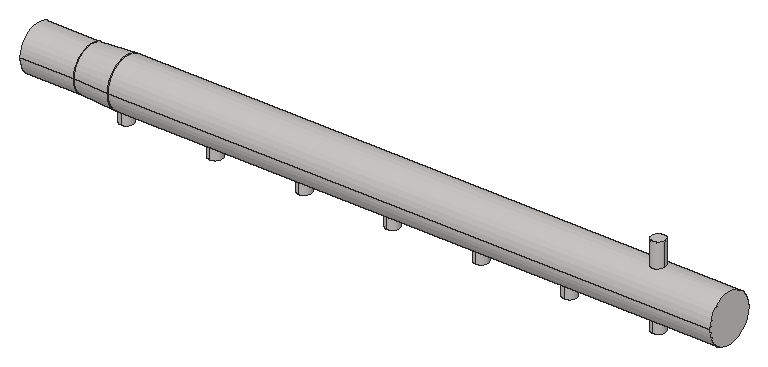
Revit family "BIMLIB_Коллектор_867_7_РОСТерм", category Оборудование, Revit 2017
Family settings
  Размер круглого соединителя = Использовать диаметр
  Тип детали = Нормальный
  На основе рабочей плоскости = Нет
  Всегда вертикально = Да
  При загрузке вырезать с полостями = Нет
  Общий = Нет
  Точка расчета площади = Нет
Parameters (values of type "Коллектор HEIZEN 867 для систем отопления сварной Ду50 на 7 выходов")
  РТ_Шаг = 100 mm
  РТ_l = 100 mm  # constant formula
  РТ_R1 = 27 mm
  РТ_R_низ = РТ_DN_низ / 2  # 7.5 mm
  РТ_DN3 = 15 mm  # constant formula
  Описание = "Коллекторы Heizen изготовлены из высококачественной латуни и нержавеющей стали, что исключает риск протечек. Коллекторы могут быть оснащены различными видами арматуры: ручными балансировочными клапанами,ручными запорными клапанами, термостатическими клапанами, расходомерами, воздухоотводчиками и дренажными кранами."
  РТ_DN_низ = 15 mm  # constant formula
  РТ_DN_бок = 50 mm
  Изготовитель = "РОСТерм"  # constant formula
  URL = "http://rostherm.ru/"
  RT_R2 = РТ_DN_бок / 2  # 25 mm
  BL_Разработано = "support@bimlib.ru"  # constant formula
  BL_Email = "rostherm@bimlib.ru"  # constant formula
  BL_BIM library = "https://bimlib.pro/manufacturer/rosterm/1632/"
  ADSK_Расход жидкости [instance] = 0.0 L/s
  ADSK_Примечание = ""
  ADSK_Позиция = ""
  ADSK_Обозначение = "ГОСТ 12.2.063-2015"  # constant formula
  ADSK_Наименование краткое = "HEIZEN 867 Ду50"
  ADSK_Наименование = "Коллектор HEIZEN 867 для систем отопления сварной Ду50 на 7 выходов"
  ADSK_Материал = BIMLIB_Нержавеющая_сталь_РОСТерм
  ADSK_Масса_Текст = ""
  ADSK_Масса = 0
  ADSK_Марка = "HEIZEN 867"  # constant formula
  ADSK_Код изделия = "867-50-10-07"
  ADSK_Завод-изготовитель = "Heizen"  # constant formula
  ADSK_Единица измерения = "шт."  # constant formula
  ADSK_Версия Revit = "2017"  # constant formula
  ADSK_URL страницы изделия = "http://rostherm.ru/kollektory/"
  ADSK_URL документации изделия = "http://rostherm.ru/"
Types (3, lengths in mm): name | РТ_R1 | РТ_DN_бок | RT_R2 | ADSK_Наименование краткое | ADSK_Наименование | ADSK_Код изделия
  Коллектор HEIZEN 867 для систем отопления сварной Ду50 на 7 выходов | 27 | 50 | 25 | "HEIZEN 867 Ду50" | "Коллектор HEIZEN 867 для систем отопления сварной Ду50 на 7 выходов" | "867-50-10-07"
  Коллектор HEIZEN 867 для систем отопления сварной Ду40 на 7 выходов | 22 | 40 | 20 | "HEIZEN 867 Ду40" | "Коллектор HEIZEN 867 для систем отопления сварной Ду40 на 7 выходов" | "867-40-10-07"
  Коллектор HEIZEN 867 для систем отопления сварной Ду32 на 7 выходов | 18 | 32 | 16 | "HEIZEN 867 Ду32" | "Коллектор HEIZEN 867 для систем отопления сварной Ду32 на 7 выходов" | "867-32-10-07"
Reference planes
  plane 1 "По центру (Вперед/Назад)": y = 0
  plane 2: z = 0
  plane 3 "По центру (Влево/Вправо)": x = 0
  plane 4: x = 100
  plane 5: x = 60
Forms (mm)
  Extrusion 1, solid, material "BIMLIB_Нержавеющая_сталь_РОСТерм" <- "ADSK_Материал", detail levels medium+fine
    sketch origin (65, 0, 0) x (0, 1, 0) y (0, 0, 1)
      loop
        circle (0, 0) r 27
    from 35 to 715
  Sweep 2, solid, material "BIMLIB_Нержавеющая_сталь_РОСТерм" <- "ADSK_Материал", detail levels medium+fine
    path origin (65, 0, 7.5) x (1, 0, 0) y (0, 0, 1)
      loop
        line (35, -7.5) -> (35, -47.5)
    profile origin (100, 0, -20) x (0, -1, 0) y (1, 0, 0)
      loop
        circle (0, 0) r 7.5
  Blend 3, solid, material "BIMLIB_Нержавеющая_сталь_РОСТерм" <- "ADSK_Материал", detail levels medium+fine
    base sketch origin (50, 0, 0) x (0, 1, 0) y (0, 0, 1)
      loop
        circle (0, 0) r 27
    top sketch origin (50, 0, 0) x (0, 1, 0) y (0, 0, 1)
      loop
        circle (0, 0) r 25
    from 50 to 10
  Extrusion 4, solid, material "BIMLIB_Нержавеющая_сталь_РОСТерм" <- "ADSK_Материал", detail levels medium+fine
    sketch origin (50, 0, 0) x (0, 1, 0) y (0, 0, 1)
      loop
        circle (0, 0) r 25
    from -50 to 10
  Sweep 5, solid, material "BIMLIB_Нержавеющая_сталь_РОСТерм" <- "ADSK_Материал", detail levels medium+fine
    path origin (165, 0, 7.5) x (1, 0, 0) y (0, 0, 1)
      loop
        line (35, -7.5) -> (35, -47.5)
    profile origin (200, 0, -20) x (0, -1, 0) y (1, 0, 0)
      loop
        circle (0, 0) r 7.5
  Sweep 6, solid, material "BIMLIB_Нержавеющая_сталь_РОСТерм" <- "ADSK_Материал", detail levels medium+fine
    path origin (265, 0, 7.5) x (1, 0, 0) y (0, 0, 1)
      loop
        line (35, -7.5) -> (35, -47.5)
    profile origin (300, 0, -20) x (0, -1, 0) y (1, 0, 0)
      loop
        circle (0, 0) r 7.5
  Sweep 7, solid, material "BIMLIB_Нержавеющая_сталь_РОСТерм" <- "ADSK_Материал", detail levels medium+fine
    path origin (365, 0, 7.5) x (1, 0, 0) y (0, 0, 1)
      loop
        line (35, -7.5) -> (35, -47.5)
    profile origin (400, 0, -20) x (0, -1, 0) y (1, 0, 0)
      loop
        circle (0, 0) r 7.5
  Sweep 8, solid, material "BIMLIB_Нержавеющая_сталь_РОСТерм" <- "ADSK_Материал", detail levels medium+fine
    path origin (465, 0, 7.5) x (1, 0, 0) y (0, 0, 1)
      loop
        line (35, -7.5) -> (35, -47.5)
    profile origin (500, 0, -20) x (0, -1, 0) y (1, 0, 0)
      loop
        circle (0, 0) r 7.5
  Sweep 9, solid, material "BIMLIB_Нержавеющая_сталь_РОСТерм" <- "ADSK_Материал", detail levels medium+fine
    path origin (565, 0, 7.5) x (1, 0, 0) y (0, 0, 1)
      loop
        line (35, -7.5) -> (35, -47.5)
    profile origin (600, 0, -20) x (0, -1, 0) y (1, 0, 0)
      loop
        circle (0, 0) r 7.5
  Sweep 10, solid, material "BIMLIB_Нержавеющая_сталь_РОСТерм" <- "ADSK_Материал", detail levels medium+fine
    path origin (665, 0, 7.5) x (1, 0, 0) y (0, 0, 1)
      loop
        line (35, -7.5) -> (35, -47.5)
    profile origin (700, 0, -20) x (0, -1, 0) y (1, 0, 0)
      loop
        circle (0, 0) r 7.5
  Extrusion 11, solid, material "BIMLIB_Нержавеющая_сталь_РОСТерм" <- "ADSK_Материал", detail levels medium+fine
    sketch origin (-399.815, 0, 0) x (1, 0, 0) y (0, 1, 0)
      loop
        circle (1099.815, 0) r 7.5
    from 0 to 52.797
Cuts and joins
  joined: Extrusion 1, Extrusion 11
Lines and regions (mm)
  model lines, detail levels coarse
    curve 1: line (0, 0, 0) -> (780, 0, 0)
    curve 2: line (100, 0, 0) -> (100, 0, -40)
    curve 3: line (200.436, 0, -40) -> (200.436, 0, 0)
    curve 4: line (300, 0, -40) -> (300, 0, 0)
    curve 5: line (400, 0, -40) -> (400, 0, 0)
    curve 6: line (500.436, 0, -40) -> (500.436, 0, 0)
    curve 7: line (600, 0, -40) -> (600, 0, 0)
    curve 8: line (700, 0, -40) -> (700, 0, 0)
Dimensions and locks
  "РТ_l": plane 4 to plane 3 "По центру (Влево/Вправо)"
  Sweep 2 sketch curve to Sweep 2 sketch curve = 40 mm
  locked: plane 4 to plane 5 at 40
  Sweep 5 sketch curve to Sweep 5 sketch curve = 40 mm
  Sweep 6 sketch curve to Sweep 6 sketch curve = 40 mm
  Sweep 7 sketch curve to Sweep 7 sketch curve = 40 mm
  Sweep 8 sketch curve to Sweep 8 sketch curve = 40 mm
  Sweep 9 sketch curve to Sweep 9 sketch curve = 40 mm
  Sweep 10 sketch curve to Sweep 10 sketch curve = 40 mm
  "РТ_R1": radius of Extrusion 1 sketch curve
  "РТ_R_низ": radius of Sweep 2 sketch curve
  "РТ_R1": radius of Blend 3 sketch curve
  "RT_R2": radius of Blend 3 sketch curve
  "RT_R2": radius of Extrusion 4 sketch curve
  "РТ_R_низ": radius of Sweep 5 sketch curve
  "РТ_R_низ": radius of Sweep 6 sketch curve
  "РТ_R_низ": radius of Sweep 7 sketch curve
  "РТ_R_низ": radius of Sweep 8 sketch curve
  "РТ_R_низ": radius of Sweep 9 sketch curve
  "РТ_R_низ": radius of Sweep 10 sketch curve
  "РТ_R_низ": radius of Extrusion 11 sketch curve
  aligned and locked: level to plane 2
  aligned and locked: curve 2 to plane 4
  aligned and locked: plane 4 to Sweep 2
  aligned and locked: Blend 3 to plane 5
  aligned and locked: Extrusion 4 to plane 3 "По центру (Влево/Вправо)"
  aligned and locked: Extrusion 4 to Blend 3
  aligned and locked: curve 1 to cut or joined group of Extrusion 1, Extrusion 11
Automatic sketch dimensions
  Sweep 2 sketch curve to profile plane = 0 mm
  profile plane to Sweep 2 sketch curve = 0 mm
  Extrusion 1 sketch curve to level = 0 mm
  Extrusion 1 sketch curve to plane 1 "По центру (Вперед/Назад)" = 0 mm
  Blend 3 sketch curve to level = 0 mm  (x2)
  Blend 3 sketch curve to plane 1 "По центру (Вперед/Назад)" = 0 mm  (x2)
  Extrusion 4 sketch curve to level = 0 mm
  Extrusion 4 sketch curve to plane 1 "По центру (Вперед/Назад)" = 0 mm
  Sweep 5 sketch curve to profile plane = 0 mm
  profile plane to Sweep 5 sketch curve = 0 mm
  Sweep 6 sketch curve to profile plane = 0 mm
  profile plane to Sweep 6 sketch curve = 0 mm
  Sweep 7 sketch curve to profile plane = 0 mm
  profile plane to Sweep 7 sketch curve = 0 mm
  Sweep 8 sketch curve to profile plane = 0 mm
  profile plane to Sweep 8 sketch curve = 0 mm
  Sweep 9 sketch curve to profile plane = 0 mm
  profile plane to Sweep 9 sketch curve = 0 mm
  Sweep 10 sketch curve to profile plane = 0 mm
  profile plane to Sweep 10 sketch curve = 0 mm
  plane 1 "По центру (Вперед/Назад)" to Extrusion 11 sketch curve = 0 mm
  plane 4 to Extrusion 11 sketch curve = 600 mm
  curve 1 to plane 3 "По центру (Влево/Вправо)" = 0 mm
  curve 3 to level = 40 mm
  curve 2 to curve 3 = 100.436 mm
  curve 4 to level = 40 mm
  curve 3 to curve 4 = 99.564 mm
  curve 4 to curve 5 = 100 mm
  curve 6 to level = 40 mm
  curve 5 to curve 6 = 100.436 mm
  curve 7 to level = 40 mm
  curve 6 to curve 7 = 99.564 mm
  curve 8 to level = 40 mm
  curve 7 to curve 8 = 100 mm
  curve 8 to curve 1 = 80 mm
  curve 2 to level = 40 mm
  curve 5 to curve 5 = 40 mm
Connectors
  piping at (100, 0, -40), diameter 15, driven by "РТ_DN_низ", driven by "ADSK_Расход жидкости"
    settings: on Sweep 2, index 3, connector inside diameter 609.6 mm, connector length 0 mm, flow factor 0, pipe flow 0.0 L/s, pressure drop 0.0 Pa, fitting loss kfactor 0, connector angle 0.00°, fixture units 0, engagement length 0 mm, angle of deflection 0.00°, flow configuration 0, flow direction 2, fitting loss method 0, system type 7, joint type 0, gender type 0, connector reference index -1, connector utility 0, adjustable connector no, is connector primary yes, connector description ""
  piping at (0, 0, 0), diameter 50, driven by "ADSK_Расход жидкости", driven by "РТ_DN_бок"
    settings: on Extrusion 4, index 38, connector inside diameter 609.6 mm, connector length 0 mm, flow factor 0, pipe flow 0.0 L/s, pressure drop 0.0 Pa, fitting loss kfactor 0, connector angle 0.00°, fixture units 0, engagement length 0 mm, angle of deflection 0.00°, flow configuration 0, flow direction 1, fitting loss method 0, system type 7, joint type 0, gender type 0, connector reference index -1, connector utility 0, adjustable connector no, is connector primary no, connector description ""
  piping at (200, 0, -40), diameter 15, driven by "РТ_DN_низ", driven by "ADSK_Расход жидкости"
    settings: on Sweep 5, index 39, connector inside diameter 609.6 mm, connector length 0 mm, flow factor 0, pipe flow 0.0 L/s, pressure drop 0.0 Pa, fitting loss kfactor 0, connector angle 0.00°, fixture units 0, engagement length 0 mm, angle of deflection 0.00°, flow configuration 0, flow direction 2, fitting loss method 0, system type 7, joint type 0, gender type 0, connector reference index -1, connector utility 0, adjustable connector no, is connector primary no, connector description ""
  piping at (300, 0, -40), diameter 15, driven by "РТ_DN_низ", driven by "ADSK_Расход жидкости"
    settings: on Sweep 6, index 40, connector inside diameter 609.6 mm, connector length 0 mm, flow factor 0, pipe flow 0.0 L/s, pressure drop 0.0 Pa, fitting loss kfactor 0, connector angle 0.00°, fixture units 0, engagement length 0 mm, angle of deflection 0.00°, flow configuration 0, flow direction 2, fitting loss method 0, system type 7, joint type 0, gender type 0, connector reference index -1, connector utility 0, adjustable connector no, is connector primary no, connector description ""
  piping at (400, 0, -40), diameter 15, driven by "РТ_DN_низ", driven by "ADSK_Расход жидкости"
    settings: on Sweep 7, index 41, connector inside diameter 609.6 mm, connector length 0 mm, flow factor 0, pipe flow 0.0 L/s, pressure drop 0.0 Pa, fitting loss kfactor 0, connector angle 0.00°, fixture units 0, engagement length 0 mm, angle of deflection 0.00°, flow configuration 0, flow direction 2, fitting loss method 0, system type 7, joint type 0, gender type 0, connector reference index -1, connector utility 0, adjustable connector no, is connector primary no, connector description ""
  piping at (500, 0, -40), diameter 15, driven by "РТ_DN_низ", driven by "ADSK_Расход жидкости"
    settings: on Sweep 8, index 42, connector inside diameter 609.6 mm, connector length 0 mm, flow factor 0, pipe flow 0.0 L/s, pressure drop 0.0 Pa, fitting loss kfactor 0, connector angle 0.00°, fixture units 0, engagement length 0 mm, angle of deflection 0.00°, flow configuration 0, flow direction 2, fitting loss method 0, system type 7, joint type 0, gender type 0, connector reference index -1, connector utility 0, adjustable connector no, is connector primary no, connector description ""
  piping at (600, 0, -40), diameter 15, driven by "РТ_DN_низ", driven by "ADSK_Расход жидкости"
    settings: on Sweep 9, index 43, connector inside diameter 609.6 mm, connector length 0 mm, flow factor 0, pipe flow 0.0 L/s, pressure drop 0.0 Pa, fitting loss kfactor 0, connector angle 0.00°, fixture units 0, engagement length 0 mm, angle of deflection 0.00°, flow configuration 0, flow direction 2, fitting loss method 0, system type 7, joint type 0, gender type 0, connector reference index -1, connector utility 0, adjustable connector no, is connector primary no, connector description ""
  piping at (700, 0, -40), diameter 15, driven by "РТ_DN_низ", driven by "ADSK_Расход жидкости"
    settings: on Sweep 10, index 44, connector inside diameter 609.6 mm, connector length 0 mm, flow factor 0, pipe flow 0.0 L/s, pressure drop 0.0 Pa, fitting loss kfactor 0, connector angle 0.00°, fixture units 0, engagement length 0 mm, angle of deflection 0.00°, flow configuration 0, flow direction 2, fitting loss method 0, system type 7, joint type 0, gender type 0, connector reference index -1, connector utility 0, adjustable connector no, is connector primary no, connector description ""
  piping at (700, 0, 52.797), diameter 15, driven by "РТ_DN3", driven by "ADSK_Расход жидкости"
    settings: on cut or joined group of Extrusion 1, Extrusion 11, index 45, connector inside diameter 609.6 mm, connector length 0 mm, flow factor 0, pipe flow 0.0 L/s, pressure drop 0.0 Pa, fitting loss kfactor 0, connector angle 0.00°, fixture units 0, engagement length 0 mm, angle of deflection 0.00°, flow configuration 0, flow direction 0, fitting loss method 0, system type 29, joint type 0, gender type 0, connector reference index -1, connector utility 0, adjustable connector no, is connector primary no, connector description ""
